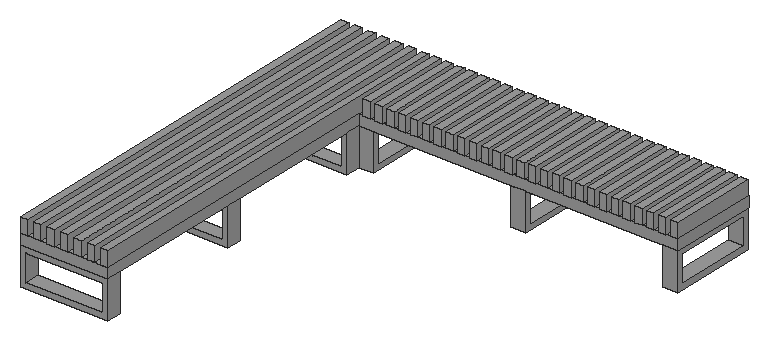
Revit family "AVLN_Скамья", category Мебель, Revit 2019
Family settings
  Номер OmniClass = 23.40.20.00
  Заголовок OmniClass = General Furniture and Specialties
  На основе рабочей плоскости = Нет
  Всегда вертикально = Да
  При загрузке вырезать с полостями = Нет
  Общий = Нет
  Точка расчета площади = Нет
Parameters (values of type "2730х2690")
  Ширина сиденья 2 = 590 mm
  Ширина сиденья 1 = 590 mm
  Ширина опоры = 100 mm
  Толщина опоры = 35 mm
  М.опор = По умолчанию
  М.обрешетки = По умолчанию
  Количество опор_ширина = 3
  Количество опор_длина = 3
  Количество реек_ширина = Ширина сиденья 2 / 80 mm  # 7
  Количество реек_длина = (ADSK_Размер_Длина - Ширина сиденья 1) / 80 mm  # 27
  Высота опоры = Высота вспомогательная - 70 mm  # 250 mm
  Высота вспомогательная = ADSK_Размер_Высота - 100 mm  # 320 mm
  AVLN_Подсчет [instance] = yes
  ADSK_Этаж [instance] = ""
  ADSK_Размер_Ширина = 2690 mm
  ADSK_Размер_Длина = 2730 mm
  ADSK_Размер_Высота = 420 mm
  ADSK_Примечание [instance] = ""
  ADSK_Позиция [instance] = ""
  ADSK_Обозначение = ""
  ADSK_Наименование = ""
  ADSK_Масса = 0
  ADSK_Марка [instance] = ""
  ADSK_Количество = 1
  ADSK_Завод-изготовитель = ""
  ADSK_Группирование = ""
Reference planes
  plane 1 "По центру (Вперед/Назад)": y = 0
  plane 2: z = 0
  plane 3 "По центру (Влево/Вправо)": x = 0
  plane 4: y = 295
  plane 5: x = -295
  plane 6: x = 295
  plane 7: y = -295
  plane 8: y = -1050
  plane 9: y = -2395
  plane 10: x = 1070
  plane 11: x = 2435
  plane 12: z = 420
  plane 13: z = 320
Forms (mm)
  Sweep 1, solid, material "По умолчанию" <- "М.опор"
    path origin (-469.288, -1524, 320) x (-1, 0, 0) y (0, -1, 0)
      loop
        line (-174.288, -1819) -> (-174.288, 871) -> (-764.288, 871) -> (-764.288, -1229) -> (-2904.288, -1229) -> (-2904.288, -1819) -> (-174.288, -1819)
    profile origin (1070, 295, 320) x (0, 1, 0) y (0, 0, 1)
      loop
        line (0, 0) -> (-40, 0) -> (-40, -70) -> (0, -70) -> (0, 0)
Dimensions and locks
  equal spacing: plane 4, plane 1 "По центру (Вперед/Назад)", plane 7
  equal spacing: plane 5, plane 3 "По центру (Влево/Вправо)", plane 6
  equal spacing: plane 5, plane 10, plane 11
  equal spacing: plane 4, plane 8, plane 9
  "ADSK_Размер_Ширина": plane 4 to plane 9
  "ADSK_Размер_Длина": plane 5 to plane 11
  "ADSK_Размер_Высота": plane 12 to level
  profile plane to Sweep 1 sketch curve = 70 mm
  profile plane to Sweep 1 sketch curve = 40 mm
  "Высота вспомогательная": level to plane 13
  "Ширина сиденья 2": plane 5 to plane 6
  "Ширина сиденья 1": plane 4 to plane 7
  equal spacing: group 5, group 7, group 3
  equal spacing: group 3, group 7, group 5  (x2)
  equal spacing: group 1, group 8, group 6  (x3)
  equal spacing: group 10, group 37, group 36, group 35, group 34, group 33, group 32, group 31, group 30, group 29, group 28, group 27, group 26, group 25, group 24, group 23, group 22, group 21, group 20, group 19, group 18, group 17, group 16, group 15, group 14, group 13, group 9
  equal spacing: group 9, group 13, group 14, group 15, group 16, group 17, group 18, group 19, group 20, group 21, group 22, group 23, group 24, group 25, group 26, group 27, group 28, group 29, group 30, group 31, group 32, group 33, group 34, group 35, group 36, group 37, group 10  (x2)
  equal spacing: group 11, group 38, group 39, group 40, group 41, group 42, group 12  (x3)
  locked: plane 6 to nested 10 at 55
  aligned and locked: level to plane 2
  aligned and locked: Sweep 1 sketch curve to plane 4
  aligned and locked: Sweep 1 sketch curve to plane 5
  aligned and locked: Sweep 1 sketch curve to plane 9
  aligned and locked: Sweep 1 sketch curve to plane 6
  aligned and locked: Sweep 1 sketch curve to plane 7
  aligned and locked: Sweep 1 sketch curve to plane 11
  aligned and locked: profile plane to Sweep 1 sketch curve
  aligned and locked: Sweep 1 sketch curve to profile plane
  aligned and locked: nested 1 to plane 3 "По центру (Влево/Вправо)"
  aligned and locked: plane 9 to nested 1
  aligned and locked: nested 3 to plane 11
  aligned and locked: nested 3 to plane 1 "По центру (Вперед/Назад)"
  aligned and locked: plane 7 to nested 6
  aligned and locked: nested 5 to plane 6
  aligned and locked: plane 11 to nested 9
  aligned and locked: nested 9 to plane 1 "По центру (Вперед/Назад)"
  aligned and locked: nested 11 to plane 5
  aligned and locked: plane 8 to nested 11
  aligned and locked: plane 8 to nested 12
  aligned and locked: nested 12 to plane 6
  aligned and locked: nested 10 to plane 1 "По центру (Вперед/Назад)"
  aligned and locked: plane 12 to nested 10
  aligned and locked: plane 12 to nested 9
  aligned and locked: plane 12 to nested 11
  aligned and locked: plane 12 to nested 12
Nested families
  nested 1: "Опора" at (0, -2345, 0), Высота <- "Высота опоры", Длина <- "Ширина сиденья 2", Ширина <- "Ширина опоры", Профиль толщина <- "Толщина опоры", type "Опора"
    with Ширина 100 mm, Профиль толщина 35 mm, Длина 590 mm, Высота 250 mm
  nested 2: "Опора" at (995, -915, 0), Высота <- "Высота опоры", Длина <- "Ширина сиденья 2", Ширина <- "Ширина опоры", Профиль толщина <- "Толщина опоры", type "Опора", not visible
    with Ширина 100 mm, Профиль толщина 35 mm, Длина 590 mm, Высота 250 mm
  nested 3: "Опора" at (2385, 0, 0) x (0, 1, 0) z (0, 0, 1), Высота <- "Высота опоры", Длина <- "Ширина сиденья 1", Ширина <- "Ширина опоры", Профиль толщина <- "Толщина опоры", type "Опора"
    with Ширина 100 mm, Профиль толщина 35 mm, Длина 590 mm, Высота 250 mm
  nested 4: "Опора" at (995, -915, 0), Высота <- "Высота опоры", Длина <- "Ширина сиденья 1", Ширина <- "Ширина опоры", Профиль толщина <- "Толщина опоры", type "Опора", not visible
    with Ширина 100 mm, Профиль толщина 35 mm, Длина 590 mm, Высота 250 mm
  nested 5: "Опора" at (345, 0, 0) x (0, 1, 0) z (0, 0, 1), Высота <- "Высота опоры", Длина <- "Ширина сиденья 1", Ширина <- "Ширина опоры", Профиль толщина <- "Толщина опоры", type "Опора"
    with Ширина 100 mm, Профиль толщина 35 mm, Длина 590 mm, Высота 250 mm
  nested 6: "Опора" at (0, -345, 0), Высота <- "Высота опоры", Длина <- "Ширина сиденья 2", Ширина <- "Ширина опоры", Профиль толщина <- "Толщина опоры", type "Опора"
    with Ширина 100 mm, Профиль толщина 35 mm, Длина 590 mm, Высота 250 mm
  nested 7: "Опора" at (1365, 0, 0) x (0, 1, 0) z (0, 0, 1), Высота <- "Высота опоры", Длина <- "Ширина сиденья 1", Ширина <- "Ширина опоры", Профиль толщина <- "Толщина опоры", type "Опора"
    with Ширина 100 mm, Профиль толщина 35 mm, Длина 590 mm, Высота 250 mm
  nested 8: "Опора" at (0, -1345, 0), Высота <- "Высота опоры", Длина <- "Ширина сиденья 2", Ширина <- "Ширина опоры", Профиль толщина <- "Толщина опоры", type "Опора"
    with Ширина 100 mm, Профиль толщина 35 mm, Длина 590 mm, Высота 250 mm
  nested 9: "Рейка" at (2410, 0, 320) x (0, 1, 0) z (0, 0, 1), Длина <- "Ширина сиденья 1", type "Рейка"
    with Ширина 50 mm, Длина 590 mm, Высота 100 mm
  nested 10: "Рейка" at (350, 0, 320) x (0, 1, 0) z (0, 0, 1), Длина <- "Ширина сиденья 1", type "Рейка"
    with Ширина 50 mm, Длина 590 mm, Высота 100 mm
  nested 11: "Рейка" at (-270, -1050, 320) x (0, 1, 0) z (0, 0, 1), Длина <- "ADSK_Размер_Ширина", type "Рейка"
    with Ширина 50 mm, Длина 2690 mm, Высота 100 mm
  nested 12: "Рейка" at (270, -1050, 320) x (0, 1, 0) z (0, 0, 1), Длина <- "ADSK_Размер_Ширина", type "Рейка"
    with Ширина 50 mm, Длина 2690 mm, Высота 100 mm
  nested 13: "Рейка" at (2330.769, 0, 320) x (0, 1, 0) z (0, 0, 1), Длина <- "Ширина сиденья 1", type "Рейка"
    with Ширина 50 mm, Длина 590 mm, Высота 100 mm
  nested 14: "Рейка" at (2251.538, 0, 320) x (0, 1, 0) z (0, 0, 1), Длина <- "Ширина сиденья 1", type "Рейка"
    with Ширина 50 mm, Длина 590 mm, Высота 100 mm
  nested 15: "Рейка" at (2172.308, 0, 320) x (0, 1, 0) z (0, 0, 1), Длина <- "Ширина сиденья 1", type "Рейка"
    with Ширина 50 mm, Длина 590 mm, Высота 100 mm
  nested 16: "Рейка" at (2093.077, 0, 320) x (0, 1, 0) z (0, 0, 1), Длина <- "Ширина сиденья 1", type "Рейка"
    with Ширина 50 mm, Длина 590 mm, Высота 100 mm
  nested 17: "Рейка" at (2013.846, 0, 320) x (0, 1, 0) z (0, 0, 1), Длина <- "Ширина сиденья 1", type "Рейка"
    with Ширина 50 mm, Длина 590 mm, Высота 100 mm
  nested 18: "Рейка" at (1934.615, 0, 320) x (0, 1, 0) z (0, 0, 1), Длина <- "Ширина сиденья 1", type "Рейка"
    with Ширина 50 mm, Длина 590 mm, Высота 100 mm
  nested 19: "Рейка" at (1855.385, 0, 320) x (0, 1, 0) z (0, 0, 1), Длина <- "Ширина сиденья 1", type "Рейка"
    with Ширина 50 mm, Длина 590 mm, Высота 100 mm
  nested 20: "Рейка" at (1776.154, 0, 320) x (0, 1, 0) z (0, 0, 1), Длина <- "Ширина сиденья 1", type "Рейка"
    with Ширина 50 mm, Длина 590 mm, Высота 100 mm
  nested 21: "Рейка" at (1696.923, 0, 320) x (0, 1, 0) z (0, 0, 1), Длина <- "Ширина сиденья 1", type "Рейка"
    with Ширина 50 mm, Длина 590 mm, Высота 100 mm
  nested 22: "Рейка" at (1617.692, 0, 320) x (0, 1, 0) z (0, 0, 1), Длина <- "Ширина сиденья 1", type "Рейка"
    with Ширина 50 mm, Длина 590 mm, Высота 100 mm
  nested 23: "Рейка" at (1538.462, 0, 320) x (0, 1, 0) z (0, 0, 1), Длина <- "Ширина сиденья 1", type "Рейка"
    with Ширина 50 mm, Длина 590 mm, Высота 100 mm
  nested 24: "Рейка" at (1459.231, 0, 320) x (0, 1, 0) z (0, 0, 1), Длина <- "Ширина сиденья 1", type "Рейка"
    with Ширина 50 mm, Длина 590 mm, Высота 100 mm
  nested 25: "Рейка" at (1380, 0, 320) x (0, 1, 0) z (0, 0, 1), Длина <- "Ширина сиденья 1", type "Рейка"
    with Ширина 50 mm, Длина 590 mm, Высота 100 mm
  nested 26: "Рейка" at (1300.769, 0, 320) x (0, 1, 0) z (0, 0, 1), Длина <- "Ширина сиденья 1", type "Рейка"
    with Ширина 50 mm, Длина 590 mm, Высота 100 mm
  nested 27: "Рейка" at (1221.538, 0, 320) x (0, 1, 0) z (0, 0, 1), Длина <- "Ширина сиденья 1", type "Рейка"
    with Ширина 50 mm, Длина 590 mm, Высота 100 mm
  nested 28: "Рейка" at (1142.308, 0, 320) x (0, 1, 0) z (0, 0, 1), Длина <- "Ширина сиденья 1", type "Рейка"
    with Ширина 50 mm, Длина 590 mm, Высота 100 mm
  nested 29: "Рейка" at (1063.077, 0, 320) x (0, 1, 0) z (0, 0, 1), Длина <- "Ширина сиденья 1", type "Рейка"
    with Ширина 50 mm, Длина 590 mm, Высота 100 mm
  nested 30: "Рейка" at (983.846, 0, 320) x (0, 1, 0) z (0, 0, 1), Длина <- "Ширина сиденья 1", type "Рейка"
    with Ширина 50 mm, Длина 590 mm, Высота 100 mm
  nested 31: "Рейка" at (904.615, 0, 320) x (0, 1, 0) z (0, 0, 1), Длина <- "Ширина сиденья 1", type "Рейка"
    with Ширина 50 mm, Длина 590 mm, Высота 100 mm
  nested 32: "Рейка" at (825.385, 0, 320) x (0, 1, 0) z (0, 0, 1), Длина <- "Ширина сиденья 1", type "Рейка"
    with Ширина 50 mm, Длина 590 mm, Высота 100 mm
  nested 33: "Рейка" at (746.154, 0, 320) x (0, 1, 0) z (0, 0, 1), Длина <- "Ширина сиденья 1", type "Рейка"
    with Ширина 50 mm, Длина 590 mm, Высота 100 mm
  nested 34: "Рейка" at (666.923, 0, 320) x (0, 1, 0) z (0, 0, 1), Длина <- "Ширина сиденья 1", type "Рейка"
    with Ширина 50 mm, Длина 590 mm, Высота 100 mm
  nested 35: "Рейка" at (587.692, 0, 320) x (0, 1, 0) z (0, 0, 1), Длина <- "Ширина сиденья 1", type "Рейка"
    with Ширина 50 mm, Длина 590 mm, Высота 100 mm
  nested 36: "Рейка" at (508.462, 0, 320) x (0, 1, 0) z (0, 0, 1), Длина <- "Ширина сиденья 1", type "Рейка"
    with Ширина 50 mm, Длина 590 mm, Высота 100 mm
  nested 37: "Рейка" at (429.231, 0, 320) x (0, 1, 0) z (0, 0, 1), Длина <- "Ширина сиденья 1", type "Рейка"
    with Ширина 50 mm, Длина 590 mm, Высота 100 mm
  nested 38: "Рейка" at (-180, -1050, 320) x (0, 1, 0) z (0, 0, 1), Длина <- "ADSK_Размер_Ширина", type "Рейка"
    with Ширина 50 mm, Длина 2690 mm, Высота 100 mm
  nested 39: "Рейка" at (-90, -1050, 320) x (0, 1, 0) z (0, 0, 1), Длина <- "ADSK_Размер_Ширина", type "Рейка"
    with Ширина 50 mm, Длина 2690 mm, Высота 100 mm
  nested 40: "Рейка" at (0, -1050, 320) x (0, 1, 0) z (0, 0, 1), Длина <- "ADSK_Размер_Ширина", type "Рейка"
    with Ширина 50 mm, Длина 2690 mm, Высота 100 mm
  nested 41: "Рейка" at (90, -1050, 320) x (0, 1, 0) z (0, 0, 1), Длина <- "ADSK_Размер_Ширина", type "Рейка"
    with Ширина 50 mm, Длина 2690 mm, Высота 100 mm
  nested 42: "Рейка" at (180, -1050, 320) x (0, 1, 0) z (0, 0, 1), Длина <- "ADSK_Размер_Ширина", type "Рейка"
    with Ширина 50 mm, Длина 2690 mm, Высота 100 mm
Definition of nested family "Опора"
  Parameters (values of type "Семейство3")
    Ширина [instance] = 200 mm
    Профиль толщина [instance] = 35 mm
    М.опоры = none
    Длина [instance] = 800 mm
    Высота [instance] = 700 mm
  Reference planes
    plane 1 "По центру (Вперед/Назад)": y = 0
    plane 2: z = 0
    plane 3 "По центру (Влево/Вправо)": x = 0
    plane 4: y = 100
    plane 5: y = -100
    plane 6: x = 400
    plane 7: x = -400
    plane 8: z = 700
  Forms (mm)
    Extrusion 1, solid, material <- "М.опоры"
      sketch origin (0, 0, 0) x (1, 0, 0) y (0, 0, 1)
        loop
          line (-400, 700) -> (-400, 0) -> (400, 0) -> (400, 700) -> (-400, 700)
        loop
          line (-365, 665) -> (-365, 35) -> (365, 35) -> (365, 665) -> (-365, 665)
      from -100 to 100
  Dimensions and locks
    "Профиль толщина": plane 8 to Extrusion 1 sketch curve
    "Профиль толщина": Extrusion 1 sketch curve to level
    "Профиль толщина": Extrusion 1 sketch curve to plane 7
    "Профиль толщина": plane 6 to Extrusion 1 sketch curve
    equal spacing: plane 4, plane 1 "По центру (Вперед/Назад)", plane 5
    equal spacing: plane 7, plane 3 "По центру (Влево/Вправо)", plane 6
    "Длина": plane 7 to plane 6
    "Ширина": plane 4 to plane 5
    "Высота": plane 8 to level
    aligned and locked: level to plane 2
    aligned and locked: Extrusion 1 sketch curve to plane 8
    aligned and locked: plane 7 to Extrusion 1 sketch curve
    aligned and locked: level to Extrusion 1 sketch curve
    aligned and locked: Extrusion 1 sketch curve to plane 6
    aligned and locked: plane 4 to Extrusion 1
    aligned and locked: Extrusion 1 to plane 5
Definition of nested family "Рейка"
  Parameters (values of type "Рейка")
    Ширина [instance] = 50 mm  # constant formula
    М.элемента = none
    Длина [instance] = 1000 mm
    Высота [instance] = 100 mm  # constant formula
  Reference planes
    plane 1 "По центру (Вперед/Назад)": y = 0
    plane 2: z = 0
    plane 3 "По центру (Влево/Вправо)": x = 0
    plane 4: y = 25
    plane 5: y = -25
    plane 6: x = 500
    plane 7: x = -500
    plane 8: z = 100
  Forms (mm)
    Extrusion 1, solid, material <- "М.элемента"
      sketch origin (0, 0, 0) x (1, 0, 0) y (0, 1, 0)
        loop
          line (-500, 25) -> (-500, -25) -> (500, -25) -> (500, 25) -> (-500, 25)
      from 0 to 100
  Dimensions and locks
    equal spacing: plane 7, plane 3 "По центру (Влево/Вправо)", plane 6
    "Длина": plane 7 to plane 6
    equal spacing: plane 4, plane 1 "По центру (Вперед/Назад)", plane 5
    "Ширина": plane 4 to plane 5
    "Высота": level to plane 8
    aligned and locked: level to plane 2
    aligned and locked: Extrusion 1 sketch curve to plane 4
    aligned and locked: plane 7 to Extrusion 1 sketch curve
    aligned and locked: plane 5 to Extrusion 1 sketch curve
    aligned and locked: Extrusion 1 sketch curve to plane 6
    aligned and locked: plane 8 to Extrusion 1
